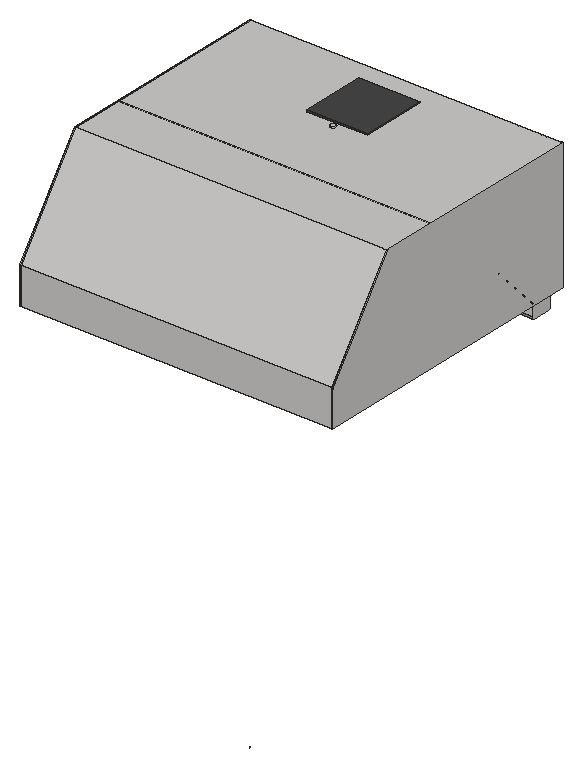
Revit family "QF_ELECTROLUXPROFESSIONAL_644233_ABPV1112DT", category Attrezzature speciali, Revit 2021
Family settings
  Quota connettore circolare = Usa diametro
  Tipo di parte = Normale
  Basato su piano di lavoro = No
  Sempre verticale = Sì
  Taglio con vuoti quando caricato = No
  Condiviso = No
  Punto di calcolo locali = No
Parameters (values of type "Standard")
  Weight = 38.00 kg
  Watts = 550 W
  Volts = 220 V
  URL Manufacturer = "https://www.electroluxprofessional.com/"
  URL = "https://www.electroluxprofessional.com/"
  Steam Supply Size = 0 mm
  Steam Supply Minimum Pressure = 0.0 Pa
  Steam Supply Maximum Pressure = 0.0 Pa
  Steam Consumption per Hour = 0
  Refrigeration Suction Line Size = 0 mm
  Refrigeration Liquid Line Size = 0 mm
  Refrigerant Compressor Remote = yes
  Prospetto di default = 0 mm
  Produttore = "Electrolux Professional"
  Phase = 1
  Modello = "ABPV1112DT"
  Length Actual = 1200 mm  # constant formula
  Item Number = "644233"
  Hot Water Size = 0 mm
  Height Actual = 500 mm  # constant formula
  HP = "0.7 HP"
  Gas Size = 0 mm
  Gas KW = 0
  Gas Input Pressure = 0 W
  Direct Waste Size = 0 mm
  Descrizione = "304 S/S WALL HOOD+FILTER+FAN 1200X1100MM"
  Depth Actual = 1100 mm  # constant formula
  Cycle = 50 Hz
  Condensate Return Size = 0 mm
  Compressed Air Volume = 0.0 L/s
  Compressed Air Size = 0 mm
  Compressed Air Pressure = 0.0 Pa
  Cold Water Size = 0 mm
  Accessory = yes
Reference planes
  plane 1 "Center (Front/Back)": y = 0
  plane 2: z = 0
  plane 3 "Center (Left/Right)": x = 150
  plane 4 "LEFT": x = -450
  plane 5 "RIGHT": x = 750
  plane 6 "BACK": y = 550
  plane 7 "FRONT": y = -550
  plane 8 "TOP": z = 2500
  plane 9 "Base": z = 2000
  plane 10: z = 1926
  plane 11 "DrainY": y = 485
  plane 12: x = -447
  plane 13: through (0, 414.509, 2000.8) normal (0, 0.7314, 0.682)
  plane 14: y = 470
  plane 15: y = 220
  plane 16 "DrainX": x = 630
  plane 17: x = 33.5
  plane 18: x = 266.5
  plane 19: x = 747
  plane 20: x = 540
  plane 21: x = 720
  plane 22: x = -410
  plane 23: x = 710
  plane 24: x = -47.5
  plane 25: x = 347.5
  plane 26: z = 2140.01
  plane 27: y = 200
Forms (mm)
  Extrusion 1, solid, material "QF_Finishes_Stainless Steel"
    sketch origin (-450, 0, 360) x (0, 1, 0) y (0, 0, 1)
      loop
        line (550, 1640) -> (550, 2140) -> (-290, 2140) -> (-550, 1780.01) -> (-550, 1640) -> (550, 1640)
    from 0 to 3
  Extrusion 2, solid, material "QF_Finishes_Stainless Steel"
    sketch origin (150, 0, 360) x (0, 1, 0) y (0, 0, 1)
      loop
        line (415.255, 1640) -> (550, 1640) -> (550, 2139.19) -> (549.2, 2139.19) -> (549.2, 1640.8) -> (415.876, 1640.8) -> (339.347, 1722.867) -> (349.609, 1732.436) -> (348.927, 1733.167) -> (337.934, 1722.917) -> (415.255, 1640)
      loop
        line (-82.203, 2139.19) -> (-82.203, 2118.6) -> (-31.047, 2118.6) -> (34.354, 2048.466) -> (46.028, 2059.352) -> (45.346, 2060.083) -> (34.403, 2049.879) -> (-30.612, 2119.6) -> (-81.203, 2119.6) -> (-81.203, 2139.19) -> (-82.203, 2139.19)
    from -597 to 597
  Extrusion 3, solid, material "QF_Finishes_Stainless Steel"
    sketch origin (750, 0, 360) x (0, 1, 0) y (0, 0, 1)
      loop
        line (550, 1640) -> (550, 2140) -> (-290, 2140) -> (-550, 1780.01) -> (-550, 1640) -> (550, 1640)
    from 0 to -3
  Extrusion 4, solid, material "QF_Finishes_Stainless Steel"
    sketch origin (150, 0, 360) x (0, 1, 0) y (0, 0, 1)
      loop
        line (-550, 1780.01) -> (-550, 1640) -> (-549.2, 1640) -> (-549.2, 1779.751) -> (-289.598, 2139.19) -> (550, 2139.19) -> (550, 2140) -> (-290, 2140) -> (-550, 1780.01)
    from -600 to 600
  Extrusion 5, solid, material "QF_Finishes_Stainless Steel"
    sketch origin (150, 0, 360) x (0, 1, 0) y (0, 0, 1)
      loop
        line (534, 1640) -> (436, 1640) -> (436, 1627) -> (443.5, 1627) -> (443.5, 1576)
        arc (443.5, 1576) -> (446.429, 1568.929) -> (453.5, 1566) r 10
        line (453.5, 1566) -> (516.5, 1566)
        arc (516.5, 1566) -> (523.571, 1568.929) -> (526.5, 1576) r 10
        line (526.5, 1576) -> (526.5, 1627) -> (534, 1627) -> (534, 1640)
    from 390 to 570
  Extrusion 6, solid, material "QF_Finishes_Stainless Steel"
    sketch origin (0, 0, 2000) x (0, 1, 0) y (-1, 0, 0)
      loop
        circle (485, -630) r 20
    from -76 to -74
  Extrusion 7, solid, material "QF_Finished_Chrome"
    sketch origin (150, 0, 360) x (0, 1, 0) y (0, 0, 1)
      loop
        line (337.934, 1722.917) -> (341.591, 1726.327) -> (38.011, 2051.876) -> (34.354, 2048.466) -> (337.934, 1722.917)
    from -197.5 to -560
  Extrusion 8, solid, material "QF_Finishes_Stainless Steel"
    sketch origin (150, 0, 360) x (0, 1, 0) y (0, 0, 1)
      loop
        line (337.934, 1722.917) -> (341.591, 1726.327) -> (38.011, 2051.876) -> (34.354, 2048.466) -> (337.934, 1722.917)
    from 597 to 560
  Extrusion 9, solid, material "QF_Finished_Chrome"
    sketch origin (150, 0, 360) x (0, 1, 0) y (0, 0, 1)
      loop
        line (341.588, 1726.324) -> (38.009, 2051.874) -> (34.354, 2048.466) -> (337.934, 1722.917) -> (341.588, 1726.324)
    from 197.5 to 560
  Extrusion 10, solid, material "QF_Finishes_Black"
    sketch origin (0, 0, 2500) x (0, 1, 0) y (-1, 0, 0)
      loop
        line (470, -266.5) -> (470, -33.5) -> (220, -33.5) -> (220, -266.5) -> (470, -266.5)
    from 5 to 0
  Extrusion 11, solid, material "QF_Finishes_Stainless Steel"
    sketch origin (0, 0, 0) x (1, 0, 0) y (0, 1, 0)
      loop
        line (-450, 550) -> (-450, 549) -> (-449, 549) -> (-449, 550) -> (-450, 550)
    from 0 to 1
  Extrusion 12, solid, material "QF_Finishes_Stainless Steel"
    sketch origin (150, 0, 360) x (0, 1, 0) y (0, 0, 1)
      loop
        line (337.934, 1722.917) -> (341.591, 1726.327) -> (38.011, 2051.876) -> (34.354, 2048.466) -> (337.934, 1722.917)
    from -560 to -597
  Extrusion 13, solid, material "QF_Finishes_Stainless Steel"
    sketch origin (150, 0, 360) x (0, 1, 0) y (0, 0, 1)
      loop
        line (337.934, 1722.917) -> (341.591, 1726.327) -> (38.011, 2051.876) -> (34.354, 2048.466) -> (337.934, 1722.917)
    from 197.5 to -197.5
  Extrusion 14, solid, material "QF_Finishes_Stainless Steel"
    sketch origin (0, 0, 2500) x (0, 1, 0) y (-1, 0, 0)
      loop
        circle (200, -150) r 10
    from 0 to 1.6
Cuts and joins
  joined: Extrusion 2, Extrusion 4
Lines and regions (mm)
  reference lines
    curve 1: line (150, 34.354, 2408.466) -> (150, 34.354, 2248.466)
  symbolic lines, style "SpecialityEquipment", detail levels coarse
    curve 2: line (750, 550, 2500) -> (-450, 550, 2500)
    curve 3: line (-450, 550, 2500) -> (-450, -550, 2500)
    curve 4: line (750, -550, 2500) -> (750, 550, 2500)
    curve 5: line (-450, -550, 2500) -> (750, -550, 2500)
    curve 6: line (266.5, 220, 2500) -> (33.5, 220, 2500)
    curve 7: line (266.5, 470, 2500) -> (266.5, 220, 2500)
    curve 8: line (33.5, 470, 2500) -> (266.5, 470, 2500)
    curve 9: line (33.5, 220, 2500) -> (33.5, 470, 2500)
    curve 10: line (-450, -290, 0) -> (750, -290, 0)
    curve 11: line (-450, 550, 0) -> (750, -290, 0)
    curve 12: line (-450, -290, 0) -> (750, 550, 0)
Dimensions and locks
  plane 4 "LEFT" to plane 5 "RIGHT" = 1200 mm
  equal spacing: plane 4 "LEFT", plane 3 "Center (Left/Right)", plane 5 "RIGHT"
  locked: plane 8 "TOP" to plane 9 "Base" at 500
  plane 9 "Base" to plane 10 = 74 mm
  plane 6 "BACK" to plane 11 "DrainY" = 65 mm  (x2)
  plane 4 "LEFT" to plane 12 = 3 mm
  plane 6 "BACK" to plane 14 = 80 mm
  plane 14 to plane 15 = 250 mm  (x2)
  plane 16 "DrainX" to plane 5 "RIGHT" = 120 mm
  plane 19 to plane 5 "RIGHT" = 3 mm
  locked: plane 20 to plane 16 "DrainX" at 90
  locked: plane 16 "DrainX" to plane 21 at 90
  plane 6 "BACK" to plane 7 "FRONT" = 1100 mm  (x2)
  equal spacing: plane 6 "BACK", plane 1 "Center (Front/Back)", plane 7 "FRONT"
  plane 15 to plane 7 "FRONT" = 770 mm
  plane 14 to plane 6 "BACK" = 80 mm
  locked: plane 4 "LEFT" to plane 22 at 40
  locked: plane 23 to plane 5 "RIGHT" at 40
  locked: plane 24 to plane 25 at 395
  equal spacing: plane 24, plane 3 "Center (Left/Right)", plane 25
  locked: plane 17 to plane 18 at 233
  equal spacing: plane 17, plane 3 "Center (Left/Right)", plane 18
  curve 10 to plane 7 "FRONT" = 260 mm
  curve 10 to plane 6 "BACK" = 840 mm
  plane 9 "Base" to level = 2000 mm
  plane 26 to plane 9 "Base" = 140.01 mm
  plane 15 to plane 27 = 20 mm
  aligned and locked: level to plane 2
  aligned and locked: Extrusion 2 to Extrusion 1
  aligned and locked: Extrusion 2 to Extrusion 3
  aligned and locked: plane 5 "RIGHT" to Extrusion 4
  aligned and locked: Extrusion 4 to plane 4 "LEFT"
  aligned and locked: plane 19 to Extrusion 8
  aligned and locked: Extrusion 10 to plane 17
  aligned and locked: Extrusion 10 to plane 15
  aligned and locked: Extrusion 10 to plane 14
  aligned and locked: Extrusion 2 to Extrusion 4
  aligned and locked: plane 21 to Extrusion 5
  aligned and locked: Extrusion 5 to plane 20
  aligned and locked: Extrusion 8 to plane 23
  aligned and locked: Extrusion 9 to plane 23
  aligned and locked: Extrusion 7 to plane 22
  aligned and locked: Extrusion 12 to plane 12
  aligned and locked: plane 22 to Extrusion 12
  aligned and locked: Extrusion 3 to plane 19
  aligned and locked: Extrusion 10 to plane 18
  aligned and locked: plane 18 to curve 7
  aligned and locked: plane 25 to Extrusion 13
  aligned and locked: Extrusion 13 to plane 24
  aligned and locked: Extrusion 9 to plane 25
Automatic sketch dimensions
  curve 5 to plane 5 "RIGHT" = 0 mm
  curve 5 to plane 7 "FRONT" = 0 mm
  curve 6 to plane 15 = 0 mm
  plane 14 to curve 8 = 0 mm
  curve 3 to plane 4 "LEFT" = 0 mm
  curve 3 to plane 6 "BACK" = 0 mm
  curve 6 to plane 17 = 0 mm
  Extrusion 2 sketch curve to plane 13 = 0 mm  (x3)
  Extrusion 2 sketch curve to plane 9 "Base" = 0 mm
  plane 13 to Extrusion 2 sketch curve = 0 mm
  Extrusion 2 sketch curve to plane 6 "BACK" = 0 mm
  Extrusion 2 sketch curve to Extrusion 2 sketch curve = 65.646 mm
  Extrusion 2 sketch curve to Extrusion 2 sketch curve = 0.682 mm  (x2)
  Extrusion 2 sketch curve to Extrusion 2 sketch curve = 10.261 mm
  plane 9 "Base" to Extrusion 2 sketch curve = 82.917 mm
  Extrusion 2 sketch curve to plane 1 "Center (Front/Back)" = 46.028 mm
  Extrusion 2 sketch curve to Extrusion 2 sketch curve = 10.942 mm
  Extrusion 2 sketch curve to Extrusion 2 sketch curve = 0.049 mm
  Extrusion 2 sketch curve to plane 8 "TOP" = 20.4 mm
  Extrusion 2 sketch curve to plane 8 "TOP" = 21.4 mm
  Extrusion 2 sketch curve to plane 8 "TOP" = 0.81 mm  (x2)
  Extrusion 2 sketch curve to Extrusion 2 sketch curve = 50.156 mm
  Extrusion 2 sketch curve to Extrusion 2 sketch curve = 1 mm
  plane 9 "Base" to Extrusion 2 sketch curve = 0.8 mm
  Extrusion 2 sketch curve to plane 6 "BACK" = 0.8 mm
  curve 1 to plane 13 = 0 mm
  curve 1 to plane 1 "Center (Front/Back)" = 34.354 mm
  Extrusion 5 sketch curve to plane 9 "Base" = 0 mm
  Extrusion 5 sketch curve to plane 10 = 0 mm
  Extrusion 5 sketch curve to plane 9 "Base" = 13 mm  (x2)
  plane 14 to Extrusion 5 sketch curve = 34 mm
  Extrusion 5 sketch curve to Extrusion 5 sketch curve = 7.5 mm  (x2)
  Extrusion 5 sketch curve to Extrusion 5 sketch curve = 10 mm
  plane 11 "DrainY" to Extrusion 5 sketch curve = 31.5 mm
  Extrusion 5 sketch curve to plane 6 "BACK" = 23.5 mm
  Extrusion 6 sketch curve to plane 11 "DrainY" = 0 mm
  Extrusion 6 sketch curve to plane 16 "DrainX" = 0 mm
  Extrusion 7 sketch curve to plane 13 = 0 mm  (x2)
  Extrusion 7 sketch curve to plane 1 "Center (Front/Back)" = 34.354 mm
  Extrusion 7 sketch curve to Extrusion 7 sketch curve = 3.657 mm
  plane 9 "Base" to Extrusion 7 sketch curve = 82.917 mm
  Extrusion 8 sketch curve to plane 13 = 0 mm  (x2)
  Extrusion 8 sketch curve to plane 1 "Center (Front/Back)" = 34.354 mm
  Extrusion 8 sketch curve to Extrusion 8 sketch curve = 3.657 mm
  plane 9 "Base" to Extrusion 8 sketch curve = 82.917 mm
  Extrusion 9 sketch curve to plane 13 = 0 mm  (x2)
  Extrusion 9 sketch curve to plane 1 "Center (Front/Back)" = 34.354 mm
  Extrusion 9 sketch curve to Extrusion 9 sketch curve = 3.655 mm
  plane 9 "Base" to Extrusion 9 sketch curve = 82.917 mm
  Extrusion 10 sketch curve to plane 15 = 0 mm
  plane 14 to Extrusion 10 sketch curve = 0 mm
  Extrusion 10 sketch curve to plane 18 = 0 mm
  Extrusion 10 sketch curve to plane 17 = 0 mm
  Extrusion 11 sketch curve to plane 4 "LEFT" = 0 mm
  Extrusion 11 sketch curve to plane 6 "BACK" = 0 mm
  plane 4 "LEFT" to Extrusion 11 sketch curve = 1 mm
  Extrusion 11 sketch curve to Extrusion 11 sketch curve = 1 mm
  Extrusion 12 sketch curve to plane 13 = 0 mm  (x2)
  Extrusion 12 sketch curve to plane 1 "Center (Front/Back)" = 34.354 mm
  Extrusion 12 sketch curve to Extrusion 12 sketch curve = 3.657 mm
  plane 9 "Base" to Extrusion 12 sketch curve = 82.917 mm
  Extrusion 13 sketch curve to plane 13 = 0 mm  (x2)
  Extrusion 13 sketch curve to plane 1 "Center (Front/Back)" = 34.354 mm
  Extrusion 13 sketch curve to Extrusion 13 sketch curve = 3.657 mm
  plane 9 "Base" to Extrusion 13 sketch curve = 82.917 mm
  Extrusion 4 sketch curve to plane 7 "FRONT" = 0 mm
  Extrusion 4 sketch curve to plane 9 "Base" = 0 mm
  Extrusion 4 sketch curve to plane 8 "TOP" = 0 mm
  Extrusion 4 sketch curve to plane 6 "BACK" = 0 mm
  Extrusion 4 sketch curve to Extrusion 4 sketch curve = 0.8 mm
  plane 9 "Base" to Extrusion 4 sketch curve = 140.01 mm
  Extrusion 4 sketch curve to Extrusion 4 sketch curve = 0.81 mm
  Extrusion 4 sketch curve to Extrusion 4 sketch curve = 0.259 mm
  Extrusion 4 sketch curve to Extrusion 4 sketch curve = 0.402 mm
  plane 7 "FRONT" to Extrusion 4 sketch curve = 260 mm
  Extrusion 3 sketch curve to plane 7 "FRONT" = 0 mm
  Extrusion 3 sketch curve to plane 8 "TOP" = 0 mm
  Extrusion 3 sketch curve to plane 6 "BACK" = 0 mm
  Extrusion 3 sketch curve to plane 9 "Base" = 0 mm
  plane 9 "Base" to Extrusion 3 sketch curve = 140.01 mm
  plane 7 "FRONT" to Extrusion 3 sketch curve = 260 mm
  Extrusion 1 sketch curve to plane 7 "FRONT" = 0 mm
  Extrusion 1 sketch curve to plane 8 "TOP" = 0 mm
  Extrusion 1 sketch curve to plane 6 "BACK" = 0 mm
  Extrusion 1 sketch curve to plane 9 "Base" = 0 mm
  plane 9 "Base" to Extrusion 1 sketch curve = 140.01 mm
  plane 7 "FRONT" to Extrusion 1 sketch curve = 260 mm
  curve 1 to curve 1 = 160 mm
  curve 11 to plane 4 "LEFT" = 0 mm
  curve 10 to plane 4 "LEFT" = 0 mm
  curve 11 to plane 5 "RIGHT" = 0 mm
  curve 12 to plane 5 "RIGHT" = 0 mm
  curve 12 to plane 6 "BACK" = 0 mm
  curve 11 to plane 6 "BACK" = 0 mm
  Extrusion 14 sketch curve to plane 3 "Center (Left/Right)" = 0 mm
  Extrusion 14 sketch curve to plane 27 = 0 mm
  radius of Extrusion 6 sketch curve = 20 mm
  radius of Extrusion 14 sketch curve = 10 mm
Connectors
  piping at (630, 485, 1924), diameter 20
    settings: on Extrusion 6, index 1, connector inside diameter 609.6 mm, connector length 0 mm, flow factor 0, pipe flow 0.0 L/s, pressure drop 0.0 Pa, fitting loss kfactor 0, connector angle 0.00°, fixture units 0, engagement length 0 mm, angle of deflection 0.00°, flow configuration 1, flow direction 2, fitting loss method 0, system type 16, joint type 0, gender type 0, connector reference index -1, connector utility 0, adjustable connector no, is connector primary yes, connector description "Drain"
  hvac at (150, 345, 2505)
    settings: on Extrusion 10, index 2, duct flow 0.0 L/s, flow factor 0, pres drop 0.0 Pa, loss coef 0, conn angle 0.00°, conn width 250 mm, conn height 233 mm, conn diameter 609.6 mm, duct sys type 3, conn prof type 1, flow config 0, flow direction 2, loss method 0, conn ref index -1, conn util no, is conn primary yes, conn desc "EXHAUST OUTLET"
  electrical at (150, 200, 2501.6), driven by "Volts"
    settings: on Extrusion 14, index 3, voltage 220 V, apparent load 0 VA, apparent load phase1 0 VA, apparent load phase2 0 VA, apparent load phase3 0 VA, power factor 1, load classification "Other", number of poles 1, system type 30, power factor state 1, is connector primary yes, connector utility no, sub classification motor no, connector description "Electrical Connection"
